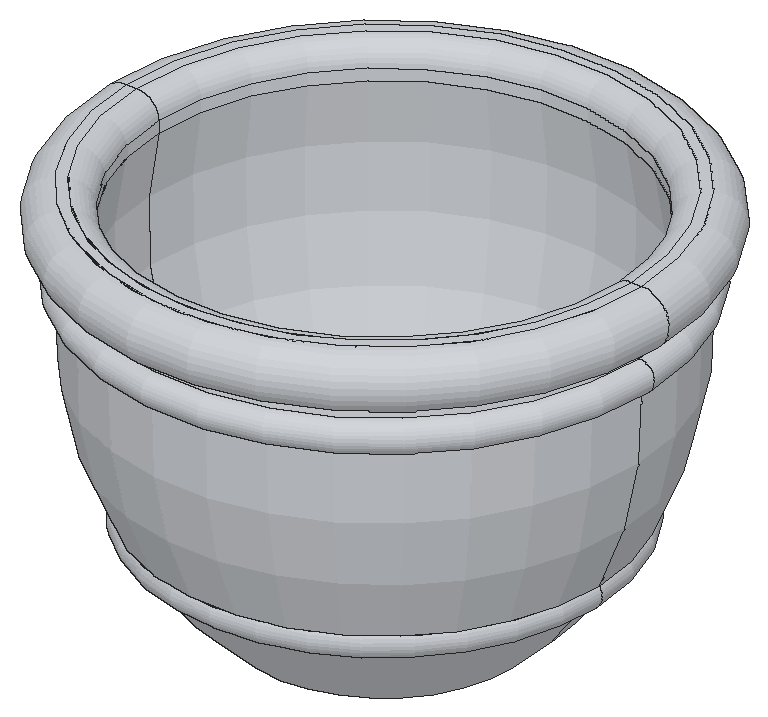
Revit family
Parameters (values of type "SBSP-048.1")
  Width = 2' - 11"
  URL = "www.strombergarchitectural.com"
  Top Material = GFRC
  Submittal Sheet = "www.strombergarchitectural.com/images/materials/gfrc/submittal/gfrc-submittal-sheet.pdf"
  Specifications = "www.strombergarchitectural.com/gfrcspecifications"
  Model Cut-sheet = "www.strombergarchitectural.com/products/bollards/design/SBSP-048"
  Model = "SBSP-048"
  Manufacturer = "Stromberg Architectural Products"
  Guidebook = "www.strombergarchitectural.com/images/materials/gfrc/handbooks/gfrc_guidebook.pdf   \r\n(http://www.strombergarchitectural.com/images/materials/gfrc/handbooks/gfrc_guidebook.pdf"
  Frame Material = none
  Description = "GFRC Bollard"
  Assembly Code = ""
  Height = 2' - 0"
  XXX.5 = no
  XXX.4 = no
  XXX.3 = no
  XXX.2 = no
  XXX.1 = yes
Types (6): name | Width | Guidebook | Height | XXX.5 | XXX.4 | XXX.3 | XXX.2 | XXX.1
  (no name) | 2' - 11" | "www.strombergarchitectural.com/images/materials/gfrc/handbooks/gfrc_guidebook.pdf   \r\n(http://www.strombergarchitectural.com/images/materials/gfrc/handbooks/gfrc_guidebook.pdf" | 2' - 0" | no | no | no | no | yes
  SBSP-048.3 | 4' - 5" | "www.strombergarchitectural.com/images/materials/gfrc/handbooks/gfrc_guidebook.pdf" | 3' - 0" | no | no | yes | no | no
  SBSP-048.1 | 2' - 11" | "www.strombergarchitectural.com/images/materials/gfrc/handbooks/gfrc_guidebook.pdf   \r\n(http://www.strombergarchitectural.com/images/materials/gfrc/handbooks/gfrc_guidebook.pdf" | 2' - 0" | no | no | no | no | yes
  SBSP-048.2 | 3' - 8" | "www.strombergarchitectural.com/images/materials/gfrc/handbooks/gfrc_guidebook.pdf" | 2' - 6" | no | no | no | yes | no
  SBSP-048.4 | 5' - 2" | "www.strombergarchitectural.com/images/materials/gfrc/handbooks/gfrc_guidebook.pdf" | 3' - 6" | no | yes | no | no | no
  SBSP-048.5 | 5' - 11" | "www.strombergarchitectural.com/images/materials/gfrc/handbooks/gfrc_guidebook.pdf" | 4' - 0" | yes | no | no | no | no
Reference planes (in)
  plane 1 "Center (Front/Back)": y = 3.74847
  plane 2: z = 0
  plane 3 "Center (Left/Right)": x = 0.7278
Forms (in)
  Revolve 1, solid, visible <- "XXX.1"
    sketch origin (0, 3.74847, 0) x (1, 0, 0) y (0, 0, 1)
      loop
        arc (-15.25157, 24) -> (-16.93887, 22.31271) -> (-15.25157, 20.62542) r 1.68729
        line (-15.25157, 20.62542) -> (-14.94011, 20.62542)
        arc (-14.94011, 20.62542) -> (-14.99868, 20.27742) -> (-15.0516, 19.92852) r 21.73378
        arc (-15.0516, 19.92852) -> (-16.01437, 19.09565) -> (-15.23593, 18.08837) r 0.92609
        arc (-15.23593, 18.08837) -> (-14.74386, 12.08384) -> (-12.62229, 6.44509) r 21.73378
        arc (-12.62229, 6.44509) -> (-12.63642, 5.39809) -> (-11.70643, 4.9169) r 0.99613
        arc (-11.70643, 4.9169) -> (-9.67765, 2.2886) -> (-7.2722, 0) r 21.73378
        line (-7.2722, 0) -> (0.7278, 0) -> (0.7278, 1.36232) -> (-6.82286, 1.36232)
        arc (-6.82286, 1.36232) -> (-13.00222, 10.73553) -> (-13.28669, 21.95875) r 20.40045
        line (-13.28669, 21.95875) -> (-13.28669, 22.66667)
        arc (-13.28669, 22.66667) -> (-13.67721, 23.60948) -> (-14.62002, 24) r 1.33333
        line (-14.62002, 24) -> (-15.25157, 24)
      axis (0.7278, 24) -> (0.7278, 0)
    angle from 0 to 360
  Revolve 2, solid, visible <- "XXX.3"
    sketch origin (0, 3.74847, 0) x (1, 0, 0) y (0, 0, 1)
      loop
        arc (-20.53076, 34) -> (-21.11655, 35.41421) -> (-22.53076, 36) r 2
        line (-22.53076, 36) -> (-23.4781, 36)
        arc (-23.4781, 36) -> (-26.00903, 33.46906) -> (-23.4781, 30.93813) r 2.53094
        line (-23.4781, 30.93813) -> (-23.0109, 30.93813)
        arc (-23.0109, 30.93813) -> (-23.09876, 30.41613) -> (-23.17813, 29.89278) r 32.60067
        arc (-23.17813, 29.89278) -> (-24.62229, 28.64348) -> (-23.45463, 27.13255) r 1.38914
        arc (-23.45463, 27.13255) -> (-22.71653, 18.12575) -> (-19.53417, 9.66763) r 32.60067
        arc (-19.53417, 9.66763) -> (-19.55536, 8.09713) -> (-18.16038, 7.37535) r 1.49419
        arc (-18.16038, 7.37535) -> (-15.11721, 3.4329) -> (-11.50903, 0) r 32.60067
        line (-11.50903, 0) -> (0.7278, 0) -> (0.7278, 2.04348) -> (-10.83503, 2.04348)
        arc (-10.83503, 2.04348) -> (-20.10407, 16.1033) -> (-20.53076, 32.93813) r 30.60067
        line (-20.53076, 32.93813) -> (-20.53076, 34)
      axis (0.7278, 36) -> (0.7278, 0)
    angle from 0 to 360
  Revolve 3, solid, visible <- "XXX.5"
    sketch origin (0, 3.74847, 0) x (1, 0, 0) y (0, 0, 1)
      loop
        arc (-31.54673, 48) -> (-34.92131, 44.62542) -> (-31.54673, 41.25083) r 3.37458
        line (-31.54673, 41.25083) -> (-30.9238, 41.25083)
        arc (-30.9238, 41.25083) -> (-31.04094, 40.55484) -> (-31.14678, 39.85704) r 43.46757
        arc (-31.14678, 39.85704) -> (-33.07232, 38.19131) -> (-31.51544, 36.17673) r 1.85219
        arc (-31.51544, 36.17673) -> (-30.53131, 24.16767) -> (-26.28816, 12.89018) r 43.46757
        arc (-26.28816, 12.89018) -> (-26.31641, 10.79617) -> (-24.45645, 9.8338) r 1.99225
        arc (-24.45645, 9.8338) -> (-20.39888, 4.5772) -> (-15.58798, 0) r 43.46757
        line (-15.58798, 0) -> (0.7278, 0) -> (0.7278, 2.72464) -> (-14.6893, 2.72464)
        arc (-14.6893, 2.72464) -> (-27.04802, 21.47106) -> (-27.61695, 43.9175) r 40.8009
        line (-27.61695, 43.9175) -> (-27.61695, 45.33333)
        arc (-27.61695, 45.33333) -> (-28.398, 47.21895) -> (-30.28362, 48) r 2.66667
        line (-30.28362, 48) -> (-31.54673, 48)
      axis (0.7278, 48) -> (0.7278, 0)
    angle from 0 to 360
  Revolve 4, solid, visible <- "XXX.4"
    sketch origin (0, 3.74847, 0) x (1, 0, 0) y (0, 0, 1)
      loop
        arc (-27.51241, 42) -> (-30.46517, 39.04724) -> (-27.51241, 36.09448) r 2.95276
        line (-27.51241, 36.09448) -> (-26.96735, 36.09448)
        arc (-26.96735, 36.09448) -> (-27.06985, 35.48549) -> (-27.16245, 34.87491) r 38.03412
        arc (-27.16245, 34.87491) -> (-28.8473, 33.4174) -> (-27.48504, 31.65464) r 1.62066
        arc (-27.48504, 31.65464) -> (-26.62392, 21.14671) -> (-22.91117, 11.2789) r 38.03412
        arc (-22.91117, 11.2789) -> (-22.93589, 9.44665) -> (-21.30842, 8.60458) r 1.74322
        arc (-21.30842, 8.60458) -> (-17.75805, 4.00505) -> (-13.5485, 0) r 38.03412
        line (-13.5485, 0) -> (0.7278, 0) -> (0.7278, 2.38406) -> (-12.76217, 2.38406)
        arc (-12.76217, 2.38406) -> (-23.57604, 18.78718) -> (-24.07386, 38.42781) r 35.70079
        line (-24.07386, 38.42781) -> (-24.07386, 39.66667)
        arc (-24.07386, 39.66667) -> (-24.75728, 41.31658) -> (-26.40719, 42) r 2.33333
        line (-26.40719, 42) -> (-27.51241, 42)
      axis (0.7278, 42) -> (0.7278, 0)
    angle from 0 to 360
  Revolve 5, solid, visible <- "XXX.2"
    sketch origin (0, 3.74847, 0) x (1, 0, 0) y (0, 0, 1)
      loop
        arc (-16.78148, 28.33333) -> (-17.26963, 29.51184) -> (-18.44814, 30) r 1.66667
        line (-18.44814, 30) -> (-19.23759, 30)
        arc (-19.23759, 30) -> (-21.3467, 27.89089) -> (-19.23759, 25.78177) r 2.10911
        line (-19.23759, 25.78177) -> (-18.84825, 25.78177)
        arc (-18.84825, 25.78177) -> (-18.92147, 25.34678) -> (-18.98762, 24.91065) r 27.16723
        arc (-18.98762, 24.91065) -> (-20.19108, 23.86957) -> (-19.21803, 22.61046) r 1.15762
        arc (-19.21803, 22.61046) -> (-18.60295, 15.10479) -> (-15.95098, 8.05636) r 27.16723
        arc (-15.95098, 8.05636) -> (-15.96864, 6.74761) -> (-14.80616, 6.14613) r 1.24516
        arc (-14.80616, 6.14613) -> (-12.27018, 2.86075) -> (-9.26337, 0) r 27.16723
        line (-9.26337, 0) -> (0.7278, 0) -> (0.7278, 1.7029) -> (-8.7017, 1.7029)
        arc (-8.7017, 1.7029) -> (-16.42589, 13.41941) -> (-16.78148, 27.44844) r 25.50056
        line (-16.78148, 27.44844) -> (-16.78148, 28.33333)
      axis (0.7278, 30) -> (0.7278, 0)
    angle from 0 to 360
